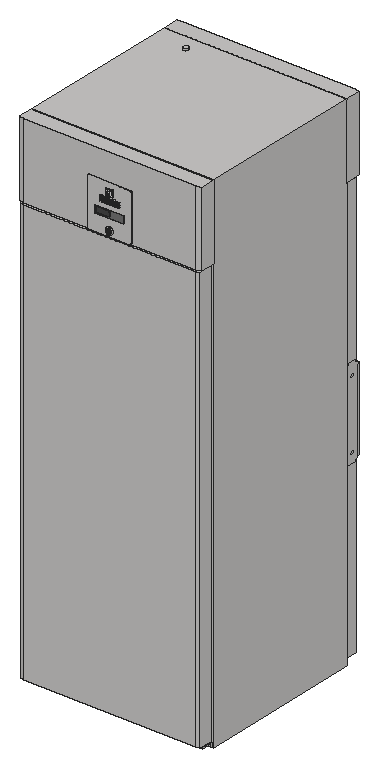
Revit family "QF_ELECTROLUXPROFESSIONAL_725098_RI075R2FGT", category Specialty Equipment, Revit 2018
Family settings
  Round Connector Dimension = Use Diameter
  Part Type = Normal
  Work Plane-Based = No
  Always vertical = Yes
  Cut with Voids When Loaded = No
  Shared = No
  Room Calculation Point = No
Parameters (values of type "Standard")
  Weight = 145.00 kg
  Watts = 0 W
  Volts = 220 V
  URL Manufacturer = "http://professional.electrolux.com"
  URL = "http://professional.electrolux.com"
  Steam Supply Size = 0 mm
  Steam Supply Minimum Pressure = 0.0 Pa
  Steam Supply Maximum Pressure = 0.0 Pa
  Steam Pounds per Hour = 0
  Refrigeration Suction Line Size = 0 mm
  Refrigeration Liquid Line Size = 0 mm
  Refrigerant Compressor Remote = yes
  Manufacturer = "Electrolux Professional"
  Phase = 1
  Model = "RI075R2FGT"
  Length Actual = 750 mm  # constant formula
  Item Number = "725098"
  Hot Water Size = 0 mm
  Height Actual = 2101 mm  # constant formula
  HP = "0.5 HP"
  Gas Size = 0 mm
  Gas KW = 0
  Gas Input Pressure = 0 W
  Direct Waste Size = 0 mm
  Description = "1-FULL+1GLASS DOOR ROLL-THRU REFRIGERATOR 750 LT+2°C R290"
  Depth Actual = 832 mm  # constant formula
  Cycle = 50 Hz
  Condensate Return Size = 0 mm
  Compressed Air Volume = 0.0 L/s
  Compressed Air Size = 0 mm
  Compressed Air Pressure = 0.0 Pa
  Cold Water Size = 0 mm
  Accessory = yes
Values of the unnamed type that differ from the named types
  Volts = 0 V
  URL Manufacturer = ""
  Item Number = ""
  Cycle = 0 Hz
Reference planes
  plane 1: z = 0
  plane 2 "Center (Left/Right)": x = 0
  plane 3 "TOP": z = 2101
  plane 4 "FRONT": y = -480
  plane 5 "LEFT": x = -375
  plane 6 "RIGHT": x = 375
  plane 7 "BACK": y = 352
  plane 8 "Center (Front/Back)": y = -64
Forms (mm)
  Extrusion 1, solid, material "QF_Finishes_Stainless Steel"
    sketch origin (0, 0, 0) x (1, 0, 0) y (0, 1, 0)
      loop
        line (-375, 280) -> (-375, -408) -> (375, -408) -> (375, 280) -> (-375, 280)
    from 0 to 2101
  Extrusion 2, solid, material "QF_Clearances", detail levels coarse
    sketch origin (0, 0, 2101) x (-1, 0, 0) y (0, -1, 0)
      loop
        line (425, 480) -> (-425, 480) -> (-425, -352) -> (425, -352) -> (425, 480)
    from 0 to 500
  Extrusion 3, solid, material "QF_Clearances", detail levels coarse
    sketch origin (0, 0, 0) x (1, 0, 0) y (0, 1, 0)
      loop
        line (-425, 352) -> (-425, -480) -> (-375, -480) -> (-375, 352) -> (-425, 352)
      loop
        line (425, 352) -> (375, 352) -> (375, -480) -> (425, -480) -> (425, 352)
    from 0 to 2101
  Extrusion 4, void
    sketch origin (0, 408, 0) x (-1, 0, 0) y (0, 0, 1)
      loop
        line (315, 1738.5) -> (-315, 1738.5) -> (-315, 25) -> (315, 25) -> (315, 1738.5)
    from -128 to -816
  Extrusion 5, solid, material "QF_Finishes_Stainless Steel"
    sketch origin (0, 0, 2101) x (-1, 0, 0) y (0, -1, 0)
      loop
        circle (235, -212) r 10
    from 5 to 0
Cuts and joins
  joined: Extrusion 2, Extrusion 3
  Extrusion 4 cuts Extrusion 1
Lines and regions (mm)
  symbolic lines, style "QF_Clearances", detail levels coarse
    curve 1: line (-375, -480, 2101) -> (-425, -480, 2101)
    curve 2: line (-425, -480, 2101) -> (-425, 352, 2101)
    curve 3: line (-425, 352, 2101) -> (-375, 352, 2101)
    curve 4: line (425, 352, 2101) -> (425, -480, 2101)
    curve 5: line (425, -480, 2101) -> (375, -480, 2101)
    curve 6: line (-375, -480, 2101) -> (-375, 352, 2101)
    curve 7: line (375, 352, 2101) -> (375, -480, 2101)
    curve 8: line (375, 352, 2101) -> (425, 352, 2101)
  symbolic lines
    curve 9: circle (-235, 212, 2101) r 10 normal (0, 0, 1)
Dimensions and locks
  equal spacing: plane 5 "LEFT", plane 2 "Center (Left/Right)", plane 6 "RIGHT"
  plane 5 "LEFT" to plane 6 "RIGHT" = 750 mm
  plane 3 "TOP" to plane 1 = 2101 mm
  equal spacing: plane 6 "RIGHT", plane 2 "Center (Left/Right)", plane 5 "LEFT"
  cut or joined group of Extrusion 1, Extrusion 4 to cut or joined group of Extrusion 1, Extrusion 4 = 630 mm
  nested 1 to nested 1 = 16 mm
  cut or joined group of Extrusion 2, Extrusion 3 to plane 5 "LEFT" = 50 mm
  cut or joined group of Extrusion 1, Extrusion 4 to cut or joined group of Extrusion 2, Extrusion 3 = 50 mm
  equal spacing: plane 4 "FRONT", plane 8 "Center (Front/Back)", plane 7 "BACK"
  plane 4 "FRONT" to plane 7 "BACK" = 832 mm
  nested 3 to nested 1 = 820 mm
  nested 3 to nested 1 = 1505 mm
  nested 3 to nested 1 = 1504 mm
  nested 3 to nested 1 = 2189 mm
  cut or joined group of Extrusion 2, Extrusion 3 to plane 3 "TOP" = 500 mm
  aligned and locked: level to plane 1
Automatic sketch dimensions
  Extrusion 1 sketch curve to plane 5 "LEFT" = 0 mm
  Extrusion 1 sketch curve to plane 6 "RIGHT" = 0 mm
  plane 4 "FRONT" to Extrusion 1 sketch curve = 72 mm
  level to Extrusion 4 sketch curve = 25 mm
  plane 6 "RIGHT" to Extrusion 4 sketch curve = 60 mm
  plane 5 "LEFT" to Extrusion 4 sketch curve = 60 mm
  Extrusion 4 sketch curve to plane 3 "TOP" = 362.5 mm
  plane 7 "BACK" to Extrusion 3 sketch curve = 0 mm  (x2)
  Extrusion 3 sketch curve to plane 4 "FRONT" = 0 mm  (x2)
  Extrusion 3 sketch curve to plane 5 "LEFT" = 0 mm
  Extrusion 3 sketch curve to plane 6 "RIGHT" = 0 mm
  Extrusion 3 sketch curve to plane 5 "LEFT" = 50 mm
  Extrusion 3 sketch curve to plane 6 "RIGHT" = 50 mm
  plane 7 "BACK" to Extrusion 2 sketch curve = 0 mm
  Extrusion 2 sketch curve to Extrusion 2 sketch curve = 850 mm
  Extrusion 2 sketch curve to plane 4 "FRONT" = 0 mm
  Extrusion 2 sketch curve to plane 6 "RIGHT" = 50 mm
  plane 7 "BACK" to Extrusion 1 sketch curve = 72 mm
  plane 5 "LEFT" to Extrusion 5 sketch curve = 140 mm
  plane 7 "BACK" to Extrusion 5 sketch curve = 140 mm
  curve 5 to plane 4 "FRONT" = 0 mm
  plane 7 "BACK" to curve 8 = 0 mm
  curve 8 to plane 6 "RIGHT" = 0 mm
  curve 1 to plane 4 "FRONT" = 0 mm
  curve 1 to plane 5 "LEFT" = 0 mm
  plane 7 "BACK" to curve 2 = 0 mm
  curve 4 to plane 6 "RIGHT" = 50 mm
  plane 5 "LEFT" to curve 9 = 140 mm
  curve 1 to curve 1 = 50 mm
  plane 7 "BACK" to curve 9 = 140 mm
  radius of Extrusion 5 sketch curve = 10 mm
  radius of curve 9 = 10 mm
Nested families
  nested 1: "QF_725098_Door" at (0, -408, 1050.5) x (1, 0, 0) z (0, -1, 0), type "QF_725098_Door"
    with Show Clearance yes
  nested 2: "Refrigerator" at (370, -442.5, 110), type "Refrigerator"
  nested 3: "QF_725098_GlassDoor" at (0, 280, 1050.5) x (-1, 0, 0) z (0, 1, 0), type "QF_725098_GlassDoor"
    with Show Clearance yes
Connectors
  electrical at (-235, 212, 2106), driven by "Volts"
    settings: on Extrusion 5, index 3, voltage 220 V, apparent load 0 VA, apparent load phase1 0 VA, apparent load phase2 0 VA, apparent load phase3 0 VA, power factor 1, load classification "Other", number of poles 1, system type 30, power factor state 1, is connector primary yes, connector utility no, sub classification motor no, connector description "Electrical Connection"
Definition of nested family "QF_725098_Door"
  Parameters
    Show Clearance [instance] = yes
    Model = "725097"
    Default Elevation = 1219.2 mm
  Reference planes
    plane 1 "Center (Front/Back)": y = 0
    plane 2: z = 0
    plane 3 "Center (Left/Right)": x = 0
  Forms (mm)
    Extrusion 1, solid
      sketch origin (0, -919.2, 0) x (1, 0, 0) y (0, 1, 0)
        loop
          line (-740, 2119.2) -> (-740, -324.806) -> (846.344, -324.806) -> (846.344, 2119.2) -> (-740, 2119.2)
      from 0 to -59.546
    Extrusion 2, solid
      sketch origin (0, 0, 0) x (1, 0, 0) y (0, 0, 1)
        loop
          line (-375, 60.667) -> (-375, 0) -> (375, 0) -> (375, 60.667) -> (355, 66) -> (-355, 66) -> (-375, 60.667)
      from -1050.5 to -740.5
    Extrusion 3, solid
      sketch origin (0, 0, 0) x (1, 0, 0) y (0, 0, 1)
        loop
          line (-370, 62) -> (-370, 26) -> (-348, 26) -> (-348, 8) -> (-330, 8) -> (-330, 0) -> (362, 0) -> (362, 8) -> (370, 8) -> (370, 62) -> (355, 66) -> (-355, 66) -> (-370, 62)
      from -733.5 to 1025.5
    Extrusion 4, solid
      sketch origin (147, -711.5, 0) x (0, 1, 0) y (0, 0, 1)
        loop
          line (-323.003, 40.312) -> (-316.501, 40.312) -> (-316.501, 42.812) -> (-325.503, 42.812) -> (-325.503, 2.5) -> (-339, 2.5) -> (-339, 0) -> (-323.003, 0) -> (-323.003, 12.259) -> (-323.003, 40.312)
        loop
          line (-314, 38.311) -> (-316.501, 38.311) -> (-316.501, 14.304) -> (-319.752, 14.304) -> (-319.752, 11.804) -> (-314, 11.804) -> (-314, 38.311)
      from 185 to 220
    Extrusion 5, solid
      sketch origin (147, 499.597, 0) x (0, 1, 0) y (0, 0, 1)
        loop
          line (233.903, 27.948) -> (233.903, 2.948) -> (233.903, 0) -> (240.903, 0) -> (240.903, 2.5) -> (236.403, 2.5) -> (236.403, 27.948) -> (233.903, 27.948)
      from 185 to 220
    Extrusion 6, solid, detail levels coarse
      sketch origin (24, 1013.369, -334) x (-1, 0, 0) y (0, 0, -1)
        loop
          line (-367, -352) -> (-367, -1084) -> (-329, -1084) -> (-329, -1062) -> (-311, -1062) -> (-311, -1044) -> (-303, -1044) -> (-303, -400) -> (-351, -400) -> (-351, -352) -> (-367, -352)
      from 2038.869 to 279.869
    Extrusion 7, solid, detail levels coarse
      sketch origin (41, 1123.369, -334) x (1, 0, 0) y (0, 0, 1)
        loop
          line (286, 400) -> (286, 1044) -> (294, 1044) -> (294, 1062) -> (312, 1062) -> (312, 1084)
          arc (312, 1084) -> (-184.675, 884.882) -> (-411, 400) r 727.877
          line (-411, 400) -> (286, 400)
      from 2148.869 to 389.869
  Lines and regions (mm)
    symbolic lines
      curve 1: line (-375, 0, 0) -> (-375, 0, 60.667)
      curve 2: line (375, 0, 0) -> (-375, 0, 0)
      curve 3: line (391, 0, 18) -> (391, 0, 750)
      curve 4: line (327, 0, 66) -> (327, 0, 710)
      curve 5: line (391, 0, 750) -> (353, 0, 750)
      curve 6: line (353, 0, 728) -> (353, 0, 750)
      curve 7: line (335, 0, 728) -> (353, 0, 728)
      curve 8: line (335, 0, 710) -> (335, 0, 728)
      curve 9: line (327, 0, 710) -> (335, 0, 710)
      curve 10: line (375, 0, 18) -> (391, 0, 18)
      curve 11: arc (353, 0, 750) -> (-143.675, 0, 550.882) -> (-370, 0, 66) r 727.877
      curve 12: line (375, 0, 0) -> (375, 0, 60.667)
      curve 13: line (-355, 0, 66) -> (-375, 0, 60.667)
      curve 14: line (355, 0, 66) -> (-355, 0, 66)
      curve 15: line (375, 0, 60.667) -> (355, 0, 66)
  Dimensions and locks
    Extrusion 4 to Extrusion 2 = 2101 mm
    Extrusion 3 to Extrusion 3 = 740 mm
    aligned and locked: plane 2 to Extrusion 1
    aligned and locked: level to Extrusion 1
  Nested families
    nested 1: "QF_DisplayNewRollCabinets_ELX" at (0, 840.5, 66), type "QF_DisplayNewRollCabinets_ELX"
      with Show Clearance yes
  Definition of nested family "QF_DisplayNewRollCabinets_ELX"
    Parameters
      Show Clearance [instance] = yes
      Model = "728658"
      Default Elevation = 1219.2 mm
    Reference planes
      plane 1 "Center (Front/Back)": y = 0
      plane 2: z = 0
      plane 3 "Center (Left/Right)": x = 0
    Forms (mm)
      Extrusion 1, solid
        sketch origin (0, -919.2, 0) x (1, 0, 0) y (0, 1, 0)
          loop
            line (-198.75, 1146.2) -> (-198.75, 709.567) -> (165.741, 709.567) -> (165.741, 1146.2) -> (-198.75, 1146.2)
        from 0 to -59.546
      Extrusion 2, solid
        sketch origin (-59, -79.611, 0) x (0, 1, 0) y (-1, 0, 0)
          loop
            circle (0.611, -59) r 14
          loop
            circle (0.611, -59) r 10
        from 1.6 to 6
      Extrusion 3, solid
        sketch origin (744.635, 285.889, 0) x (0, 1, 0) y (-1, 0, 0)
          loop
            circle (-364.889, 744.635) r 10
          loop
            circle (-364.889, 744.635) r 9
        from 1.6 to 6
      Extrusion 4, solid
        sketch origin (744.635, 285.889, 0) x (0, 1, 0) y (-1, 0, 0)
          loop
            circle (-364.889, 744.635) r 8.7
        from 1.6 to 6
      Extrusion 5, void
        sketch origin (744.635, 285.889, 0) x (0, 1, 0) y (-1, 0, 0)
          loop
            line (-372.339, 745.885) -> (-372.339, 743.385) -> (-362.339, 743.385) -> (-362.339, 745.885) -> (-372.339, 745.885)
        from 3 to 7
      Extrusion 6, solid
        sketch origin (0, 0, 0) x (1, 0, 0) y (0, 1, 0)
          loop
            arc (-90, -95) -> (-88.536, -98.536) -> (-85, -100) r 5
            line (-85, -100) -> (85, -100)
            arc (85, -100) -> (88.536, -98.536) -> (90, -95) r 5
            line (90, -95) -> (90, 95)
            arc (90, 95) -> (88.536, 98.536) -> (85, 100) r 5
            line (85, 100) -> (-85, 100)
            arc (-85, 100) -> (-88.536, 98.536) -> (-90, 95) r 5
            line (-90, 95) -> (-90, -95)
          loop
            line (-60, -3.798) -> (-60, -32.827) -> (60, -32.827) -> (60, -3.798) -> (-60, -3.798)
        from 0 to 1.6
      Extrusion 7, solid
        sketch origin (0, 0, 0) x (1, 0, 0) y (0, 1, 0)
          loop
            line (-60, -3.798) -> (-60, -32.827) -> (60, -32.827) -> (60, -3.798) -> (-60, -3.798)
          loop
            line (-56.428, -8.037) -> (-56.428, -28.331) -> (0, -28.331) -> (0, -8.037) -> (-56.428, -8.037)
        from 0 to 1.6
      Extrusion 8, solid
        sketch origin (0, 0, 0) x (1, 0, 0) y (0, 1, 0)
          loop
            line (-56.428, -8.037) -> (-56.428, -28.331) -> (0, -28.331) -> (0, -8.037) -> (-56.428, -8.037)
        from 0 to 1.6
      Extrusion 9, solid
        sketch origin (0, 0, 0) x (1, 0, 0) y (0, 1, 0)
          loop
            spline (-35.495, 30.517) -> (-35.679, 30.525) -> (-35.875, 30.55) -> (-36.078, 30.596) -> (-36.282, 30.665) -> (-36.483, 30.762) -> (-36.674, 30.888) -> (-36.851, 31.047) -> (-37.007, 31.242) -> (-37.138, 31.476) -> (-37.238, 31.752) -> (-37.302, 32.073) -> (-37.325, 32.443)
            line (-37.325, 32.443) -> (-37.325, 34.082) -> (-31.914, 34.082) -> (-31.914, 36.172) -> (-37.326, 36.172) -> (-37.326, 39.215) -> (-31.569, 39.215) -> (-31.569, 41.3) -> (-39.541, 41.3) -> (-39.541, 32.538)
            spline (-39.541, 32.538) -> (-39.521, 31.999) -> (-39.461, 31.491) -> (-39.359, 31.016) -> (-39.214, 30.575) -> (-39.026, 30.17) -> (-38.792, 29.803) -> (-38.513, 29.476) -> (-38.186, 29.19) -> (-37.811, 28.948) -> (-37.386, 28.75) -> (-36.91, 28.599) -> (-36.383, 28.497)
            line (-36.383, 28.497) -> (-35.513, 28.434) -> (-31.415, 28.434) -> (-31.415, 30.517) -> (-35.495, 30.517)
          loop
            line (-29.841, 35.221) -> (-29.841, 28.431) -> (-27.625, 28.431) -> (-27.625, 41.303) -> (-29.841, 41.303) -> (-29.841, 35.221)
          loop
            spline (-16.689, 32.543) -> (-16.674, 33.24) -> (-16.741, 33.914) -> (-16.887, 34.559) -> (-17.108, 35.168) -> (-17.403, 35.737) -> (-17.768, 36.257) -> (-18.2, 36.724) -> (-18.697, 37.131) -> (-19.255, 37.471) -> (-19.872, 37.739) -> (-20.545, 37.929) -> (-21.271, 38.033)
            spline (-21.271, 38.033) -> (-21.961, 37.993) -> (-22.617, 37.875) -> (-23.233, 37.682) -> (-23.805, 37.417) -> (-24.328, 37.083) -> (-24.797, 36.683) -> (-25.207, 36.219) -> (-25.554, 35.696) -> (-25.832, 35.116) -> (-26.036, 34.481) -> (-26.162, 33.795) -> (-26.206, 33.061)
            spline (-26.206, 33.061) -> (-26.164, 32.345) -> (-26.041, 31.676) -> (-25.841, 31.056) -> (-25.568, 30.489) -> (-25.226, 29.977) -> (-24.818, 29.524) -> (-24.348, 29.133) -> (-23.822, 28.805) -> (-23.241, 28.546) -> (-22.61, 28.357) -> (-21.934, 28.241) -> (-21.215, 28.202)
            spline (-21.215, 28.202) -> (-20.865, 28.21) -> (-20.518, 28.237) -> (-20.176, 28.283) -> (-19.837, 28.35) -> (-19.503, 28.441) -> (-19.173, 28.557) -> (-18.847, 28.699) -> (-18.525, 28.87) -> (-18.208, 29.07) -> (-17.895, 29.303) -> (-17.587, 29.569) -> (-17.283, 29.871)
            line (-17.283, 29.871) -> (-18.618, 31.17)
            spline (-18.618, 31.17) -> (-18.794, 31.001) -> (-18.971, 30.845) -> (-19.151, 30.704) -> (-19.334, 30.578) -> (-19.523, 30.465) -> (-19.72, 30.368) -> (-19.925, 30.284) -> (-20.141, 30.216) -> (-20.369, 30.163) -> (-20.61, 30.125) -> (-20.867, 30.102) -> (-21.141, 30.094)
            spline (-21.141, 30.094) -> (-21.542, 30.114) -> (-21.918, 30.172) -> (-22.268, 30.268) -> (-22.589, 30.399) -> (-22.881, 30.564) -> (-23.142, 30.762) -> (-23.37, 30.99) -> (-23.564, 31.248) -> (-23.721, 31.534) -> (-23.841, 31.846) -> (-23.921, 32.183) -> (-23.961, 32.543)
            line (-23.961, 32.543) -> (-16.689, 32.543)
          loop
            spline (-18.915, 34.101) -> (-18.937, 34.375) -> (-19, 34.638) -> (-19.101, 34.889) -> (-19.237, 35.124) -> (-19.407, 35.342) -> (-19.606, 35.538) -> (-19.833, 35.712) -> (-20.083, 35.859) -> (-20.355, 35.979) -> (-20.646, 36.067) -> (-20.952, 36.122) -> (-21.271, 36.141)
            spline (-21.271, 36.141) -> (-21.613, 36.123) -> (-21.943, 36.069) -> (-22.256, 35.981) -> (-22.552, 35.864) -> (-22.825, 35.717) -> (-23.075, 35.545) -> (-23.297, 35.35) -> (-23.49, 35.133) -> (-23.65, 34.897) -> (-23.774, 34.645) -> (-23.86, 34.379) -> (-23.905, 34.101)
            line (-23.905, 34.101) -> (-18.915, 34.101)
          loop
            spline (-13.301, 33.118) -> (-13.275, 33.53) -> (-13.201, 33.921) -> (-13.081, 34.288) -> (-12.918, 34.628) -> (-12.715, 34.938) -> (-12.475, 35.216) -> (-12.201, 35.459) -> (-11.896, 35.664) -> (-11.563, 35.828) -> (-11.205, 35.948) -> (-10.825, 36.023) -> (-10.425, 36.048)
            spline (-10.425, 36.048) -> (-10.18, 36.041) -> (-9.946, 36.018) -> (-9.721, 35.98) -> (-9.505, 35.928) -> (-9.298, 35.862) -> (-9.099, 35.782) -> (-8.908, 35.688) -> (-8.724, 35.581) -> (-8.547, 35.461) -> (-8.376, 35.329) -> (-8.211, 35.185) -> (-8.051, 35.028)
            line (-8.051, 35.028) -> (-6.678, 36.457)
            spline (-6.678, 36.457) -> (-6.951, 36.73) -> (-7.233, 36.975) -> (-7.522, 37.194) -> (-7.819, 37.386) -> (-8.123, 37.553) -> (-8.434, 37.695) -> (-8.751, 37.813) -> (-9.075, 37.908) -> (-9.404, 37.98) -> (-9.739, 38.031) -> (-10.08, 38.061) -> (-10.425, 38.07)
            spline (-10.425, 38.07) -> (-11.118, 38.028) -> (-11.781, 37.902) -> (-12.409, 37.698) -> (-12.996, 37.421) -> (-13.537, 37.075) -> (-14.024, 36.665) -> (-14.453, 36.196) -> (-14.817, 35.671) -> (-15.11, 35.097) -> (-15.327, 34.476) -> (-15.462, 33.815) -> (-15.508, 33.118)
            spline (-15.508, 33.118) -> (-15.462, 32.42) -> (-15.327, 31.759) -> (-15.11, 31.138) -> (-14.817, 30.564) -> (-14.453, 30.039) -> (-14.024, 29.57) -> (-13.537, 29.16) -> (-12.996, 28.814) -> (-12.409, 28.537) -> (-11.781, 28.333) -> (-11.118, 28.207) -> (-10.425, 28.165)
            spline (-10.425, 28.165) -> (-10.08, 28.174) -> (-9.739, 28.204) -> (-9.404, 28.255) -> (-9.075, 28.327) -> (-8.751, 28.422) -> (-8.434, 28.54) -> (-8.123, 28.682) -> (-7.819, 28.849) -> (-7.522, 29.041) -> (-7.233, 29.26) -> (-6.951, 29.505) -> (-6.678, 29.779)
            line (-6.678, 29.779) -> (-8.051, 31.207)
            spline (-8.051, 31.207) -> (-8.211, 31.05) -> (-8.376, 30.906) -> (-8.547, 30.774) -> (-8.724, 30.654) -> (-8.908, 30.547) -> (-9.099, 30.453) -> (-9.298, 30.373) -> (-9.505, 30.307) -> (-9.721, 30.255) -> (-9.946, 30.217) -> (-10.18, 30.194) -> (-10.425, 30.187)
            spline (-10.425, 30.187) -> (-10.825, 30.212) -> (-11.205, 30.287) -> (-11.563, 30.407) -> (-11.896, 30.571) -> (-12.201, 30.776) -> (-12.475, 31.019) -> (-12.715, 31.297) -> (-12.918, 31.607) -> (-13.081, 31.947) -> (-13.201, 32.314) -> (-13.275, 32.705) -> (-13.301, 33.118)
          loop
            spline (-1.029, 30.514) -> (-1.224, 30.511) -> (-1.433, 30.525) -> (-1.651, 30.562) -> (-1.872, 30.623) -> (-2.09, 30.713) -> (-2.301, 30.835) -> (-2.498, 30.992) -> (-2.675, 31.189) -> (-2.829, 31.429) -> (-2.952, 31.716) -> (-3.039, 32.053) -> (-3.086, 32.443)
            line (-3.086, 32.443) -> (-3.086, 35.726) -> (-1.07, 35.726) -> (-1.07, 37.739) -> (-3.083, 37.739) -> (-3.083, 41.303) -> (-5.299, 41.303) -> (-5.299, 32.317)
            spline (-5.299, 32.317) -> (-5.251, 31.795) -> (-5.165, 31.305) -> (-5.04, 30.847) -> (-4.875, 30.424) -> (-4.668, 30.037) -> (-4.418, 29.687) -> (-4.125, 29.377) -> (-3.788, 29.108) -> (-3.405, 28.881) -> (-2.975, 28.699) -> (-2.498, 28.562) -> (-1.972, 28.474)
            line (-1.972, 28.474) -> (-1.037, 28.431) -> (-1.029, 30.514)
          loop
            spline (6.427, 37.868) -> (6.044, 37.892) -> (5.675, 37.885) -> (5.321, 37.849) -> (4.984, 37.784) -> (4.663, 37.692) -> (4.362, 37.573) -> (4.079, 37.428) -> (3.817, 37.259) -> (3.576, 37.066) -> (3.358, 36.85) -> (3.163, 36.613) -> (2.992, 36.355)
            line (2.992, 36.355) -> (2.992, 37.739) -> (0.794, 37.739) -> (0.794, 28.431) -> (2.992, 28.431) -> (2.992, 33.325)
            spline (2.992, 33.325) -> (3.013, 33.696) -> (3.072, 34.042) -> (3.169, 34.362) -> (3.303, 34.653) -> (3.471, 34.915) -> (3.673, 35.147) -> (3.907, 35.346) -> (4.171, 35.513) -> (4.465, 35.644) -> (4.785, 35.74) -> (5.132, 35.799) -> (5.504, 35.818)
            line (5.504, 35.818) -> (6.427, 35.726) -> (6.427, 37.868)
          loop
            spline (16.924, 33.085) -> (16.877, 33.768) -> (16.743, 34.419) -> (16.525, 35.032) -> (16.231, 35.603) -> (15.866, 36.126) -> (15.437, 36.596) -> (14.949, 37.008) -> (14.409, 37.357) -> (13.823, 37.637) -> (13.196, 37.844) -> (12.535, 37.972) -> (11.845, 38.016)
            spline (11.845, 38.016) -> (11.152, 37.972) -> (10.488, 37.844) -> (9.86, 37.637) -> (9.273, 37.357) -> (8.733, 37.008) -> (8.246, 36.596) -> (7.818, 36.126) -> (7.455, 35.603) -> (7.163, 35.032) -> (6.946, 34.419) -> (6.812, 33.768) -> (6.766, 33.085)
            spline (6.766, 33.085) -> (6.812, 32.402) -> (6.946, 31.752) -> (7.163, 31.138) -> (7.455, 30.568) -> (7.818, 30.045) -> (8.246, 29.574) -> (8.733, 29.162) -> (9.273, 28.813) -> (9.86, 28.533) -> (10.488, 28.326) -> (11.152, 28.198) -> (11.845, 28.154)
            spline (11.845, 28.154) -> (12.535, 28.198) -> (13.196, 28.326) -> (13.823, 28.533) -> (14.409, 28.813) -> (14.949, 29.162) -> (15.437, 29.574) -> (15.866, 30.045) -> (16.231, 30.568) -> (16.525, 31.138) -> (16.743, 31.752) -> (16.877, 32.402) -> (16.924, 33.085)
          loop
            spline (14.726, 33.085) -> (14.7, 33.488) -> (14.625, 33.872) -> (14.504, 34.235) -> (14.34, 34.572) -> (14.136, 34.882) -> (13.895, 35.161) -> (13.62, 35.405) -> (13.315, 35.612) -> (12.981, 35.778) -> (12.623, 35.901) -> (12.244, 35.977) -> (11.845, 36.003)
            spline (11.845, 36.003) -> (11.443, 35.977) -> (11.061, 35.901) -> (10.702, 35.778) -> (10.368, 35.612) -> (10.063, 35.405) -> (9.789, 35.161) -> (9.549, 34.882) -> (9.346, 34.572) -> (9.184, 34.235) -> (9.064, 33.872) -> (8.99, 33.488) -> (8.965, 33.085)
            spline (8.965, 33.085) -> (8.99, 32.682) -> (9.064, 32.298) -> (9.184, 31.936) -> (9.346, 31.598) -> (9.549, 31.288) -> (9.789, 31.01) -> (10.063, 30.765) -> (10.368, 30.558) -> (10.702, 30.392) -> (11.061, 30.269) -> (11.443, 30.193) -> (11.845, 30.167)
            spline (11.845, 30.167) -> (12.244, 30.193) -> (12.623, 30.269) -> (12.981, 30.392) -> (13.315, 30.558) -> (13.62, 30.765) -> (13.895, 31.01) -> (14.136, 31.288) -> (14.34, 31.598) -> (14.504, 31.936) -> (14.625, 32.298) -> (14.7, 32.682) -> (14.726, 33.085)
          loop
            line (18.286, 35.443) -> (18.286, 28.431) -> (20.504, 28.431) -> (20.504, 41.303) -> (18.286, 41.303) -> (18.286, 35.443)
          loop
            line (28.496, 37.739) -> (28.496, 32.328)
            spline (28.496, 32.328) -> (28.478, 31.977) -> (28.426, 31.659) -> (28.342, 31.376) -> (28.228, 31.126) -> (28.085, 30.908) -> (27.916, 30.721) -> (27.723, 30.566) -> (27.508, 30.44) -> (27.273, 30.344) -> (27.019, 30.276) -> (26.748, 30.236) -> (26.464, 30.223)
            spline (26.464, 30.223) -> (26.18, 30.236) -> (25.909, 30.276) -> (25.656, 30.344) -> (25.42, 30.44) -> (25.205, 30.564) -> (25.012, 30.719) -> (24.843, 30.904) -> (24.701, 31.12) -> (24.587, 31.368) -> (24.503, 31.648) -> (24.451, 31.962) -> (24.433, 32.309)
            line (24.433, 32.309) -> (24.433, 37.739) -> (22.198, 37.739) -> (22.198, 32.125)
            spline (22.198, 32.125) -> (22.238, 31.488) -> (22.352, 30.91) -> (22.537, 30.388) -> (22.786, 29.923) -> (23.095, 29.514) -> (23.456, 29.16) -> (23.866, 28.863) -> (24.319, 28.62) -> (24.808, 28.432) -> (25.33, 28.298) -> (25.877, 28.218) -> (26.446, 28.191)
            spline (26.446, 28.191) -> (27.019, 28.218) -> (27.571, 28.299) -> (28.097, 28.435) -> (28.591, 28.626) -> (29.047, 28.872) -> (29.46, 29.174) -> (29.825, 29.532) -> (30.136, 29.947) -> (30.387, 30.419) -> (30.574, 30.948) -> (30.69, 31.535) -> (30.729, 32.18)
            line (30.729, 32.18) -> (30.729, 37.739) -> (28.496, 37.739)
          loop
            line (39.115, 31.408) -> (37.717, 33.362) -> (39.448, 35.719) -> (40.93, 37.739) -> (38.511, 37.739) -> (36.497, 34.95) -> (34.466, 37.739) -> (32.065, 37.739) -> (33.442, 35.856) -> (35.279, 33.344) -> (33.354, 30.663) -> (31.751, 28.431) -> (34.134, 28.431) -> (36.497, 31.719) -> (38.861, 28.431) -> (41.244, 28.431) -> (39.115, 31.408)
          loop
            line (-38.295, 23.783) -> (-40.009, 23.783) -> (-40.009, 19.333) -> (-39.095, 19.333) -> (-39.095, 20.841) -> (-38.295, 20.841)
            arc (-38.295, 20.841) -> (-36.824, 22.312) -> (-38.295, 23.783) r 1.471
          loop
            arc (-38.234, 21.69) -> (-37.702, 22.312) -> (-38.234, 22.934) r 0.63
            line (-38.234, 22.934) -> (-39.095, 22.934) -> (-39.095, 21.69) -> (-38.234, 21.69)
          loop
            line (-31.313, 23.783) -> (-33.058, 23.783) -> (-33.058, 19.333) -> (-32.144, 19.333) -> (-32.144, 20.866) -> (-31.349, 20.866) -> (-30.568, 19.333) -> (-29.53, 19.333) -> (-30.598, 21.091)
            arc (-30.598, 21.091) -> (-30.04, 21.611) -> (-29.845, 22.348) r 1.374
            arc (-29.845, 22.348) -> (-30.287, 23.365) -> (-31.313, 23.783) r 1.469
          loop
            line (-31.332, 22.942) -> (-32.144, 22.942) -> (-32.144, 21.7) -> (-31.332, 21.7)
            arc (-31.332, 21.7) -> (-30.827, 22.321) -> (-31.332, 22.942) r 0.634
          loop
            circle (-23.849, 21.558) r 2.311
          loop
            circle (-23.849, 21.558) r 1.467
          loop
            line (-17.711, 23.783) -> (-17.711, 19.333) -> (-16.796, 19.333) -> (-16.796, 21.162) -> (-15.122, 21.162) -> (-15.122, 22.003) -> (-16.796, 22.003) -> (-16.796, 22.942) -> (-14.961, 22.942) -> (-14.961, 23.783) -> (-17.711, 23.783)
          loop
            line (-11.187, 23.783) -> (-11.187, 20.776)
            arc (-11.187, 20.776) -> (-10.776, 19.757) -> (-9.763, 19.333) r 1.424
            line (-9.763, 19.333) -> (-8.326, 19.333) -> (-8.326, 20.174) -> (-9.388, 20.174)
            arc (-9.388, 20.174) -> (-10.074, 20.494) -> (-10.272, 21.224) r 0.897
            line (-10.272, 21.224) -> (-8.492, 21.224) -> (-8.492, 22.065) -> (-10.272, 22.065) -> (-10.272, 22.942) -> (-8.369, 22.942) -> (-8.369, 23.783) -> (-11.187, 23.783)
          loop
            line (-2.341, 22.616) -> (-1.684, 23.067)
            arc (-1.684, 23.067) -> (-2.293, 23.661) -> (-3.121, 23.857) r 1.593
            arc (-3.121, 23.857) -> (-3.842, 23.672) -> (-4.423, 23.206) r 1.765
            arc (-4.423, 23.206) -> (-4.501, 22.623) -> (-4.383, 22.046) r 1.775
            arc (-4.383, 22.046) -> (-3.986, 21.617) -> (-3.47, 21.346) r 1.724
            arc (-3.47, 21.346) -> (-3.071, 21.188) -> (-2.688, 20.994) r 4.507
            arc (-2.688, 20.994) -> (-2.464, 20.43) -> (-2.973, 20.098) r 0.479
            arc (-2.973, 20.098) -> (-3.616, 20.315) -> (-4.111, 20.78) r 1.593
            line (-4.111, 20.78) -> (-4.81, 20.341)
            arc (-4.81, 20.341) -> (-4.533, 19.884) -> (-4.129, 19.534) r 1.711
            arc (-4.129, 19.534) -> (-3.616, 19.315) -> (-3.061, 19.259) r 1.845
            arc (-3.061, 19.259) -> (-2.375, 19.396) -> (-1.757, 19.724) r 2.41
            arc (-1.757, 19.724) -> (-1.484, 20.45) -> (-1.625, 21.213) r 1.447
            arc (-1.625, 21.213) -> (-1.929, 21.564) -> (-2.319, 21.818) r 1.678
            arc (-2.319, 21.818) -> (-2.811, 22.038) -> (-3.316, 22.227) r 8.836
            arc (-3.316, 22.227) -> (-3.607, 22.681) -> (-3.186, 23.017) r 0.402
            arc (-3.186, 23.017) -> (-2.717, 22.913) -> (-2.341, 22.616) r 1.07
          loop
            line (9.023, 23.783) -> (9.023, 19.333) -> (9.938, 19.333) -> (9.938, 23.783) -> (9.023, 23.783)
          loop
            circle (16.107, 21.558) r 1.384
          loop
            circle (16.107, 21.558) r 2.311
          loop
            line (22.245, 19.333) -> (23.169, 19.333) -> (23.169, 22.131) -> (25.205, 19.333) -> (26.094, 19.333) -> (26.094, 23.783) -> (25.17, 23.783) -> (25.17, 20.9) -> (23.135, 23.783) -> (22.245, 23.783) -> (22.245, 19.333)
          loop
            line (30.707, 19.333) -> (31.141, 20.293) -> (32.787, 20.293) -> (33.22, 19.333) -> (34.204, 19.333) -> (31.937, 23.783) -> (29.725, 19.333) -> (30.707, 19.333)
          loop
            line (31.964, 22.119) -> (31.552, 21.206) -> (32.376, 21.206) -> (31.964, 22.119)
          loop
            line (38.748, 20.174) -> (38.748, 23.783) -> (37.833, 23.783) -> (37.833, 19.333) -> (40.459, 19.333) -> (40.459, 20.174) -> (38.748, 20.174)
          loop
            line (-14.216, 47.398) -> (14.216, 47.398) -> (14.216, 75.792) -> (-14.216, 75.792) -> (-14.216, 47.398)
          loop
            line (3.797, 74.398) -> (3.797, 48.85)
            arc (3.797, 48.85) -> (13.241, 61.624) -> (3.797, 74.398) r 13.361
          loop
            line (2.497, 72.548) -> (2.497, 74.398)
            arc (2.497, 74.398) -> (-8.128, 71.983) -> (-13.247, 62.364) r 13.094
            line (-13.247, 62.364) -> (-9.02, 62.364)
            arc (-9.02, 62.364) -> (-1.469, 65.429) -> (2.497, 72.548) r 12.273
          loop
            arc (-13.247, 60.883) -> (-8.136, 51.185) -> (2.497, 48.522) r 13.436
            line (2.497, 48.522) -> (2.497, 50.7)
            arc (2.497, 50.7) -> (-1.469, 57.818) -> (-9.02, 60.883) r 12.273
            line (-9.02, 60.883) -> (-13.247, 60.883)
          loop
            line (4.381, 22.616) -> (5.039, 23.067)
            arc (5.039, 23.067) -> (4.429, 23.661) -> (3.601, 23.857) r 1.593
            arc (3.601, 23.857) -> (2.88, 23.672) -> (2.299, 23.206) r 1.765
            arc (2.299, 23.206) -> (2.221, 22.623) -> (2.339, 22.046) r 1.775
            arc (2.339, 22.046) -> (2.736, 21.617) -> (3.252, 21.346) r 1.724
            arc (3.252, 21.346) -> (3.651, 21.188) -> (4.034, 20.994) r 4.507
            arc (4.034, 20.994) -> (4.258, 20.43) -> (3.75, 20.098) r 0.479
            arc (3.75, 20.098) -> (3.106, 20.315) -> (2.611, 20.78) r 1.593
            line (2.611, 20.78) -> (1.912, 20.341)
            arc (1.912, 20.341) -> (2.189, 19.884) -> (2.594, 19.534) r 1.711
            arc (2.594, 19.534) -> (3.106, 19.315) -> (3.661, 19.259) r 1.845
            arc (3.661, 19.259) -> (4.347, 19.396) -> (4.965, 19.724) r 2.41
            arc (4.965, 19.724) -> (5.238, 20.45) -> (5.097, 21.213) r 1.447
            arc (5.097, 21.213) -> (4.793, 21.564) -> (4.403, 21.818) r 1.678
            arc (4.403, 21.818) -> (3.911, 22.038) -> (3.406, 22.227) r 8.836
            arc (3.406, 22.227) -> (3.115, 22.681) -> (3.536, 23.017) r 0.402
            arc (3.536, 23.017) -> (4.005, 22.913) -> (4.381, 22.616) r 1.07
        from 1.6 to 3.2
      Extrusion 10, solid
        sketch origin (0, 0, 0) x (1, 0, 0) y (0, 1, 0)
          loop
            line (1.25, -86.45) -> (1.25, -76.45) -> (-1.25, -76.45) -> (-1.25, -86.45) -> (1.25, -86.45)
        from 1.6 to 6
    Cuts and joins
      Extrusion 5 cuts Extrusion 4
    Lines and regions (mm)
      symbolic lines
        curve 1: line (52.518, 0, 4) -> (-53.037, 0, 4)
        curve 2: line (40, 0, 4) -> (40, 0, 6)
        curve 3: line (40, 0, 6) -> (-40, 0, 6)
        curve 4: line (-40, 0, 6) -> (-40, 0, 4)
        curve 5: line (-64.765, 0, 0) -> (-53.037, 0, 4)
        curve 6: line (52.518, 0, 4) -> (64.135, 0, 0)
    Dimensions and locks
      aligned and locked: plane 2 to Extrusion 1
      aligned and locked: level to Extrusion 1
Definition of nested family "QF_725098_GlassDoor"
  Parameters
    Show Clearance [instance] = yes
    Model = "725096"
    Default Elevation = 1219.2 mm
  Reference planes
    plane 1 "Center (Front/Back)": y = 0
    plane 2: z = 0
    plane 3 "Center (Left/Right)": x = 0
  Forms (mm)
    Extrusion 1, solid
      sketch origin (0, -919.2, 0) x (1, 0, 0) y (0, 1, 0)
        loop
          line (-740, 2119.2) -> (-740, -324.806) -> (846.344, -324.806) -> (846.344, 2119.2) -> (-740, 2119.2)
      from 0 to -59.546
    Extrusion 2, solid
      sketch origin (0, 0, 0) x (1, 0, 0) y (0, 0, 1)
        loop
          line (-375, 60.667) -> (-375, 0) -> (375, 0) -> (375, 60.667) -> (355, 66) -> (-355, 66) -> (-375, 60.667)
      from -1050.5 to -740.5
    Extrusion 3, solid
      sketch origin (0, 0, 0) x (1, 0, 0) y (0, 0, 1)
        loop
          line (-370, 53) -> (-370, 8) -> (-348, 8) -> (-348, 0) -> (362, 0) -> (362, 8) -> (370, 8) -> (370, 53) -> (-370, 53)
      from -733.5 to 1025.5
    Extrusion 4, solid
      sketch origin (147, -711.5, 0) x (0, 1, 0) y (0, 0, 1)
        loop
          line (-323.003, 40.312) -> (-316.501, 40.312) -> (-316.501, 42.812) -> (-325.503, 42.812) -> (-325.503, 2.5) -> (-339, 2.5) -> (-339, 0) -> (-323.003, 0) -> (-323.003, 12.259) -> (-323.003, 40.312)
        loop
          line (-314, 38.311) -> (-316.501, 38.311) -> (-316.501, 14.304) -> (-319.752, 14.304) -> (-319.752, 11.804) -> (-314, 11.804) -> (-314, 38.311)
      from 185 to 220
    Extrusion 5, solid
      sketch origin (147, 499.597, 0) x (0, 1, 0) y (0, 0, 1)
        loop
          line (233.903, 27.948) -> (233.903, 2.948) -> (233.903, 0) -> (240.903, 0) -> (240.903, 2.5) -> (236.403, 2.5) -> (236.403, 27.948) -> (233.903, 27.948)
      from 185 to 220
    Extrusion 6, solid, detail levels coarse
      sketch origin (24, 1013.369, -334) x (-1, 0, 0) y (0, 0, -1)
        loop
          line (-367, -352) -> (-367, -1085) -> (-329, -1085) -> (-329, -1062) -> (-311, -1062) -> (-311, -1044) -> (-303, -1044) -> (-303, -387) -> (-351, -387) -> (-351, -352) -> (-367, -352)
      from 2038.869 to 279.869
    Extrusion 7, solid, detail levels coarse
      sketch origin (41, 1123.369, -334) x (1, 0, 0) y (0, 0, 1)
        loop
          line (286, 400) -> (286, 1044) -> (294, 1044) -> (294, 1062) -> (312, 1062) -> (312, 1085)
          arc (312, 1085) -> (-186.004, 886.559) -> (-411.055, 400) r 724.112
          line (-411.055, 400) -> (286, 400)
      from 2148.869 to 389.869
    Extrusion 8, void
      sketch origin (0, 0, 0) x (1, 0, 0) y (0, 0, 1)
        loop
          line (-325, 66) -> (-325, 0) -> (325, 0) -> (325, 66) -> (-325, 66)
      from -683.5 to 975.5
    Extrusion 9, solid
      sketch origin (0, 0, -13) x (1, 0, 0) y (0, 0, 1)
        loop
          line (-325, 66) -> (-325, 56) -> (325, 56) -> (325, 66) -> (-325, 66)
      from -683.5 to 975.5
    Extrusion 10, solid
      sketch origin (0, 0, 0) x (0, 1, 0) y (0, 0, 1)
        loop
          line (43.095, 67) -> (-300, 67) -> (-308.452, 48.874) -> (-318.452, 48.874) -> (-318.452, 13.874) -> (61.548, 13.874) -> (61.548, 48.874) -> (51.548, 48.874) -> (43.095, 67)
        loop
          circle (11.603, 32.256) r 5
        loop
          circle (-273.397, 32.256) r 5
        loop
          circle (11.603, 32.256) r 6
        loop
          circle (-273.397, 32.256) r 5.995
      from -368.4 to -370
    Extrusion 11, solid
      sketch origin (0, 0, 0) x (0, 1, 0) y (0, 0, 1)
        loop
          line (43.095, 67) -> (-300, 67) -> (-300.746, 65.4) -> (43.841, 65.4) -> (43.095, 67)
      from -370 to -355
    Extrusion 12, void
      sketch origin (0, 0, 0) x (0, 1, 0) y (0, 0, 1)
        loop
          line (-300.746, 65.4) -> (-308.452, 48.874) -> (-318.452, 48.874) -> (-318.452, 13.874) -> (61.548, 13.874) -> (61.548, 48.874) -> (51.548, 48.874) -> (43.841, 65.4) -> (-300.746, 65.4)
      from -370 to -368.4
  Cuts and joins
    Extrusion 8, Extrusion 12 cuts Extrusion 3
    Extrusion 8 cuts Extrusion 7
  Lines and regions (mm)
    symbolic lines
      curve 1: line (-355, 0, 66) -> (355, 0, 66)
      curve 2: line (-375, 0, 0) -> (-375, 0, 60.667)
      curve 3: line (375, 0, 0) -> (-375, 0, 0)
      curve 4: line (391, 0, 18) -> (391, 0, 751)
      curve 5: line (327, 0, 66) -> (327, 0, 710)
      curve 6: line (353, 0, 728) -> (353, 0, 751)
      curve 7: line (335, 0, 728) -> (353, 0, 728)
      curve 8: line (335, 0, 710) -> (335, 0, 728)
      curve 9: line (327, 0, 710) -> (335, 0, 710)
      curve 10: line (373.671, 0, 18) -> (391, 0, 18)
      curve 11: line (375, 0, 0) -> (375, 0, 60.667)
      curve 12: line (375, 0, 60.667) -> (355, 0, 66)
      curve 13: line (-355, 0, 66) -> (-375, 0, 60.667)
      curve 14: line (353, 0, 751) -> (391, 0, 751)
      curve 15: arc (353, 0, 751) -> (-144.641, 0, 552.903) -> (-370, 0, 67) r 724.112
  Dimensions and locks
    Extrusion 4 to Extrusion 2 = 2101 mm
    Extrusion 3 to Extrusion 3 = 740 mm
    aligned and locked: plane 2 to Extrusion 1
    aligned and locked: level to Extrusion 1
  Nested families
    nested 1: "QF_DisplayNewRollCabinets_ELX" at (0, 840.5, 66), type "QF_DisplayNewRollCabinets_ELX"
      with Show Clearance yes
  Definition of nested family "QF_DisplayNewRollCabinets_ELX"
    Parameters
      Show Clearance [instance] = yes
      Model = "728658"
      Default Elevation = 1219.2 mm
    Reference planes
      plane 1 "Center (Front/Back)": y = 0
      plane 2: z = 0
      plane 3 "Center (Left/Right)": x = 0
    Forms (mm)
      Extrusion 1, solid
        sketch origin (0, -919.2, 0) x (1, 0, 0) y (0, 1, 0)
          loop
            line (-198.75, 1146.2) -> (-198.75, 709.567) -> (165.741, 709.567) -> (165.741, 1146.2) -> (-198.75, 1146.2)
        from 0 to -59.546
      Extrusion 2, solid
        sketch origin (-59, -79.611, 0) x (0, 1, 0) y (-1, 0, 0)
          loop
            circle (0.611, -59) r 14
          loop
            circle (0.611, -59) r 10
        from 1.6 to 6
      Extrusion 3, solid
        sketch origin (744.635, 285.889, 0) x (0, 1, 0) y (-1, 0, 0)
          loop
            circle (-364.889, 744.635) r 10
          loop
            circle (-364.889, 744.635) r 9
        from 1.6 to 6
      Extrusion 4, solid
        sketch origin (744.635, 285.889, 0) x (0, 1, 0) y (-1, 0, 0)
          loop
            circle (-364.889, 744.635) r 8.7
        from 1.6 to 6
      Extrusion 5, void
        sketch origin (744.635, 285.889, 0) x (0, 1, 0) y (-1, 0, 0)
          loop
            line (-372.339, 745.885) -> (-372.339, 743.385) -> (-362.339, 743.385) -> (-362.339, 745.885) -> (-372.339, 745.885)
        from 3 to 7
      Extrusion 6, solid
        sketch origin (0, 0, 0) x (1, 0, 0) y (0, 1, 0)
          loop
            arc (-90, -95) -> (-88.536, -98.536) -> (-85, -100) r 5
            line (-85, -100) -> (85, -100)
            arc (85, -100) -> (88.536, -98.536) -> (90, -95) r 5
            line (90, -95) -> (90, 95)
            arc (90, 95) -> (88.536, 98.536) -> (85, 100) r 5
            line (85, 100) -> (-85, 100)
            arc (-85, 100) -> (-88.536, 98.536) -> (-90, 95) r 5
            line (-90, 95) -> (-90, -95)
          loop
            line (-60, -3.798) -> (-60, -32.827) -> (60, -32.827) -> (60, -3.798) -> (-60, -3.798)
        from 0 to 1.6
      Extrusion 7, solid
        sketch origin (0, 0, 0) x (1, 0, 0) y (0, 1, 0)
          loop
            line (-60, -3.798) -> (-60, -32.827) -> (60, -32.827) -> (60, -3.798) -> (-60, -3.798)
          loop
            line (-56.428, -8.037) -> (-56.428, -28.331) -> (0, -28.331) -> (0, -8.037) -> (-56.428, -8.037)
        from 0 to 1.6
      Extrusion 8, solid
        sketch origin (0, 0, 0) x (1, 0, 0) y (0, 1, 0)
          loop
            line (-56.428, -8.037) -> (-56.428, -28.331) -> (0, -28.331) -> (0, -8.037) -> (-56.428, -8.037)
        from 0 to 1.6
      Extrusion 9, solid
        sketch origin (0, 0, 0) x (1, 0, 0) y (0, 1, 0)
          loop
            spline (-35.495, 30.517) -> (-35.679, 30.525) -> (-35.875, 30.55) -> (-36.078, 30.596) -> (-36.282, 30.665) -> (-36.483, 30.762) -> (-36.674, 30.888) -> (-36.851, 31.047) -> (-37.007, 31.242) -> (-37.138, 31.476) -> (-37.238, 31.752) -> (-37.302, 32.073) -> (-37.325, 32.443)
            line (-37.325, 32.443) -> (-37.325, 34.082) -> (-31.914, 34.082) -> (-31.914, 36.172) -> (-37.326, 36.172) -> (-37.326, 39.215) -> (-31.569, 39.215) -> (-31.569, 41.3) -> (-39.541, 41.3) -> (-39.541, 32.538)
            spline (-39.541, 32.538) -> (-39.521, 31.999) -> (-39.461, 31.491) -> (-39.359, 31.016) -> (-39.214, 30.575) -> (-39.026, 30.17) -> (-38.792, 29.803) -> (-38.513, 29.476) -> (-38.186, 29.19) -> (-37.811, 28.948) -> (-37.386, 28.75) -> (-36.91, 28.599) -> (-36.383, 28.497)
            line (-36.383, 28.497) -> (-35.513, 28.434) -> (-31.415, 28.434) -> (-31.415, 30.517) -> (-35.495, 30.517)
          loop
            line (-29.841, 35.221) -> (-29.841, 28.431) -> (-27.625, 28.431) -> (-27.625, 41.303) -> (-29.841, 41.303) -> (-29.841, 35.221)
          loop
            spline (-16.689, 32.543) -> (-16.674, 33.24) -> (-16.741, 33.914) -> (-16.887, 34.559) -> (-17.108, 35.168) -> (-17.403, 35.737) -> (-17.768, 36.257) -> (-18.2, 36.724) -> (-18.697, 37.131) -> (-19.255, 37.471) -> (-19.872, 37.739) -> (-20.545, 37.929) -> (-21.271, 38.033)
            spline (-21.271, 38.033) -> (-21.961, 37.993) -> (-22.617, 37.875) -> (-23.233, 37.682) -> (-23.805, 37.417) -> (-24.328, 37.083) -> (-24.797, 36.683) -> (-25.207, 36.219) -> (-25.554, 35.696) -> (-25.832, 35.116) -> (-26.036, 34.481) -> (-26.162, 33.795) -> (-26.206, 33.061)
            spline (-26.206, 33.061) -> (-26.164, 32.345) -> (-26.041, 31.676) -> (-25.841, 31.056) -> (-25.568, 30.489) -> (-25.226, 29.977) -> (-24.818, 29.524) -> (-24.348, 29.133) -> (-23.822, 28.805) -> (-23.241, 28.546) -> (-22.61, 28.357) -> (-21.934, 28.241) -> (-21.215, 28.202)
            spline (-21.215, 28.202) -> (-20.865, 28.21) -> (-20.518, 28.237) -> (-20.176, 28.283) -> (-19.837, 28.35) -> (-19.503, 28.441) -> (-19.173, 28.557) -> (-18.847, 28.699) -> (-18.525, 28.87) -> (-18.208, 29.07) -> (-17.895, 29.303) -> (-17.587, 29.569) -> (-17.283, 29.871)
            line (-17.283, 29.871) -> (-18.618, 31.17)
            spline (-18.618, 31.17) -> (-18.794, 31.001) -> (-18.971, 30.845) -> (-19.151, 30.704) -> (-19.334, 30.578) -> (-19.523, 30.465) -> (-19.72, 30.368) -> (-19.925, 30.284) -> (-20.141, 30.216) -> (-20.369, 30.163) -> (-20.61, 30.125) -> (-20.867, 30.102) -> (-21.141, 30.094)
            spline (-21.141, 30.094) -> (-21.542, 30.114) -> (-21.918, 30.172) -> (-22.268, 30.268) -> (-22.589, 30.399) -> (-22.881, 30.564) -> (-23.142, 30.762) -> (-23.37, 30.99) -> (-23.564, 31.248) -> (-23.721, 31.534) -> (-23.841, 31.846) -> (-23.921, 32.183) -> (-23.961, 32.543)
            line (-23.961, 32.543) -> (-16.689, 32.543)
          loop
            spline (-18.915, 34.101) -> (-18.937, 34.375) -> (-19, 34.638) -> (-19.101, 34.889) -> (-19.237, 35.124) -> (-19.407, 35.342) -> (-19.606, 35.538) -> (-19.833, 35.712) -> (-20.083, 35.859) -> (-20.355, 35.979) -> (-20.646, 36.067) -> (-20.952, 36.122) -> (-21.271, 36.141)
            spline (-21.271, 36.141) -> (-21.613, 36.123) -> (-21.943, 36.069) -> (-22.256, 35.981) -> (-22.552, 35.864) -> (-22.825, 35.717) -> (-23.075, 35.545) -> (-23.297, 35.35) -> (-23.49, 35.133) -> (-23.65, 34.897) -> (-23.774, 34.645) -> (-23.86, 34.379) -> (-23.905, 34.101)
            line (-23.905, 34.101) -> (-18.915, 34.101)
          loop
            spline (-13.301, 33.118) -> (-13.275, 33.53) -> (-13.201, 33.921) -> (-13.081, 34.288) -> (-12.918, 34.628) -> (-12.715, 34.938) -> (-12.475, 35.216) -> (-12.201, 35.459) -> (-11.896, 35.664) -> (-11.563, 35.828) -> (-11.205, 35.948) -> (-10.825, 36.023) -> (-10.425, 36.048)
            spline (-10.425, 36.048) -> (-10.18, 36.041) -> (-9.946, 36.018) -> (-9.721, 35.98) -> (-9.505, 35.928) -> (-9.298, 35.862) -> (-9.099, 35.782) -> (-8.908, 35.688) -> (-8.724, 35.581) -> (-8.547, 35.461) -> (-8.376, 35.329) -> (-8.211, 35.185) -> (-8.051, 35.028)
            line (-8.051, 35.028) -> (-6.678, 36.457)
            spline (-6.678, 36.457) -> (-6.951, 36.73) -> (-7.233, 36.975) -> (-7.522, 37.194) -> (-7.819, 37.386) -> (-8.123, 37.553) -> (-8.434, 37.695) -> (-8.751, 37.813) -> (-9.075, 37.908) -> (-9.404, 37.98) -> (-9.739, 38.031) -> (-10.08, 38.061) -> (-10.425, 38.07)
            spline (-10.425, 38.07) -> (-11.118, 38.028) -> (-11.781, 37.902) -> (-12.409, 37.698) -> (-12.996, 37.421) -> (-13.537, 37.075) -> (-14.024, 36.665) -> (-14.453, 36.196) -> (-14.817, 35.671) -> (-15.11, 35.097) -> (-15.327, 34.476) -> (-15.462, 33.815) -> (-15.508, 33.118)
            spline (-15.508, 33.118) -> (-15.462, 32.42) -> (-15.327, 31.759) -> (-15.11, 31.138) -> (-14.817, 30.564) -> (-14.453, 30.039) -> (-14.024, 29.57) -> (-13.537, 29.16) -> (-12.996, 28.814) -> (-12.409, 28.537) -> (-11.781, 28.333) -> (-11.118, 28.207) -> (-10.425, 28.165)
            spline (-10.425, 28.165) -> (-10.08, 28.174) -> (-9.739, 28.204) -> (-9.404, 28.255) -> (-9.075, 28.327) -> (-8.751, 28.422) -> (-8.434, 28.54) -> (-8.123, 28.682) -> (-7.819, 28.849) -> (-7.522, 29.041) -> (-7.233, 29.26) -> (-6.951, 29.505) -> (-6.678, 29.779)
            line (-6.678, 29.779) -> (-8.051, 31.207)
            spline (-8.051, 31.207) -> (-8.211, 31.05) -> (-8.376, 30.906) -> (-8.547, 30.774) -> (-8.724, 30.654) -> (-8.908, 30.547) -> (-9.099, 30.453) -> (-9.298, 30.373) -> (-9.505, 30.307) -> (-9.721, 30.255) -> (-9.946, 30.217) -> (-10.18, 30.194) -> (-10.425, 30.187)
            spline (-10.425, 30.187) -> (-10.825, 30.212) -> (-11.205, 30.287) -> (-11.563, 30.407) -> (-11.896, 30.571) -> (-12.201, 30.776) -> (-12.475, 31.019) -> (-12.715, 31.297) -> (-12.918, 31.607) -> (-13.081, 31.947) -> (-13.201, 32.314) -> (-13.275, 32.705) -> (-13.301, 33.118)
          loop
            spline (-1.029, 30.514) -> (-1.224, 30.511) -> (-1.433, 30.525) -> (-1.651, 30.562) -> (-1.872, 30.623) -> (-2.09, 30.713) -> (-2.301, 30.835) -> (-2.498, 30.992) -> (-2.675, 31.189) -> (-2.829, 31.429) -> (-2.952, 31.716) -> (-3.039, 32.053) -> (-3.086, 32.443)
            line (-3.086, 32.443) -> (-3.086, 35.726) -> (-1.07, 35.726) -> (-1.07, 37.739) -> (-3.083, 37.739) -> (-3.083, 41.303) -> (-5.299, 41.303) -> (-5.299, 32.317)
            spline (-5.299, 32.317) -> (-5.251, 31.795) -> (-5.165, 31.305) -> (-5.04, 30.847) -> (-4.875, 30.424) -> (-4.668, 30.037) -> (-4.418, 29.687) -> (-4.125, 29.377) -> (-3.788, 29.108) -> (-3.405, 28.881) -> (-2.975, 28.699) -> (-2.498, 28.562) -> (-1.972, 28.474)
            line (-1.972, 28.474) -> (-1.037, 28.431) -> (-1.029, 30.514)
          loop
            spline (6.427, 37.868) -> (6.044, 37.892) -> (5.675, 37.885) -> (5.321, 37.849) -> (4.984, 37.784) -> (4.663, 37.692) -> (4.362, 37.573) -> (4.079, 37.428) -> (3.817, 37.259) -> (3.576, 37.066) -> (3.358, 36.85) -> (3.163, 36.613) -> (2.992, 36.355)
            line (2.992, 36.355) -> (2.992, 37.739) -> (0.794, 37.739) -> (0.794, 28.431) -> (2.992, 28.431) -> (2.992, 33.325)
            spline (2.992, 33.325) -> (3.013, 33.696) -> (3.072, 34.042) -> (3.169, 34.362) -> (3.303, 34.653) -> (3.471, 34.915) -> (3.673, 35.147) -> (3.907, 35.346) -> (4.171, 35.513) -> (4.465, 35.644) -> (4.785, 35.74) -> (5.132, 35.799) -> (5.504, 35.818)
            line (5.504, 35.818) -> (6.427, 35.726) -> (6.427, 37.868)
          loop
            spline (16.924, 33.085) -> (16.877, 33.768) -> (16.743, 34.419) -> (16.525, 35.032) -> (16.231, 35.603) -> (15.866, 36.126) -> (15.437, 36.596) -> (14.949, 37.008) -> (14.409, 37.357) -> (13.823, 37.637) -> (13.196, 37.844) -> (12.535, 37.972) -> (11.845, 38.016)
            spline (11.845, 38.016) -> (11.152, 37.972) -> (10.488, 37.844) -> (9.86, 37.637) -> (9.273, 37.357) -> (8.733, 37.008) -> (8.246, 36.596) -> (7.818, 36.126) -> (7.455, 35.603) -> (7.163, 35.032) -> (6.946, 34.419) -> (6.812, 33.768) -> (6.766, 33.085)
            spline (6.766, 33.085) -> (6.812, 32.402) -> (6.946, 31.752) -> (7.163, 31.138) -> (7.455, 30.568) -> (7.818, 30.045) -> (8.246, 29.574) -> (8.733, 29.162) -> (9.273, 28.813) -> (9.86, 28.533) -> (10.488, 28.326) -> (11.152, 28.198) -> (11.845, 28.154)
            spline (11.845, 28.154) -> (12.535, 28.198) -> (13.196, 28.326) -> (13.823, 28.533) -> (14.409, 28.813) -> (14.949, 29.162) -> (15.437, 29.574) -> (15.866, 30.045) -> (16.231, 30.568) -> (16.525, 31.138) -> (16.743, 31.752) -> (16.877, 32.402) -> (16.924, 33.085)
          loop
            spline (14.726, 33.085) -> (14.7, 33.488) -> (14.625, 33.872) -> (14.504, 34.235) -> (14.34, 34.572) -> (14.136, 34.882) -> (13.895, 35.161) -> (13.62, 35.405) -> (13.315, 35.612) -> (12.981, 35.778) -> (12.623, 35.901) -> (12.244, 35.977) -> (11.845, 36.003)
            spline (11.845, 36.003) -> (11.443, 35.977) -> (11.061, 35.901) -> (10.702, 35.778) -> (10.368, 35.612) -> (10.063, 35.405) -> (9.789, 35.161) -> (9.549, 34.882) -> (9.346, 34.572) -> (9.184, 34.235) -> (9.064, 33.872) -> (8.99, 33.488) -> (8.965, 33.085)
            spline (8.965, 33.085) -> (8.99, 32.682) -> (9.064, 32.298) -> (9.184, 31.936) -> (9.346, 31.598) -> (9.549, 31.288) -> (9.789, 31.01) -> (10.063, 30.765) -> (10.368, 30.558) -> (10.702, 30.392) -> (11.061, 30.269) -> (11.443, 30.193) -> (11.845, 30.167)
            spline (11.845, 30.167) -> (12.244, 30.193) -> (12.623, 30.269) -> (12.981, 30.392) -> (13.315, 30.558) -> (13.62, 30.765) -> (13.895, 31.01) -> (14.136, 31.288) -> (14.34, 31.598) -> (14.504, 31.936) -> (14.625, 32.298) -> (14.7, 32.682) -> (14.726, 33.085)
          loop
            line (18.286, 35.443) -> (18.286, 28.431) -> (20.504, 28.431) -> (20.504, 41.303) -> (18.286, 41.303) -> (18.286, 35.443)
          loop
            line (28.496, 37.739) -> (28.496, 32.328)
            spline (28.496, 32.328) -> (28.478, 31.977) -> (28.426, 31.659) -> (28.342, 31.376) -> (28.228, 31.126) -> (28.085, 30.908) -> (27.916, 30.721) -> (27.723, 30.566) -> (27.508, 30.44) -> (27.273, 30.344) -> (27.019, 30.276) -> (26.748, 30.236) -> (26.464, 30.223)
            spline (26.464, 30.223) -> (26.18, 30.236) -> (25.909, 30.276) -> (25.656, 30.344) -> (25.42, 30.44) -> (25.205, 30.564) -> (25.012, 30.719) -> (24.843, 30.904) -> (24.701, 31.12) -> (24.587, 31.368) -> (24.503, 31.648) -> (24.451, 31.962) -> (24.433, 32.309)
            line (24.433, 32.309) -> (24.433, 37.739) -> (22.198, 37.739) -> (22.198, 32.125)
            spline (22.198, 32.125) -> (22.238, 31.488) -> (22.352, 30.91) -> (22.537, 30.388) -> (22.786, 29.923) -> (23.095, 29.514) -> (23.456, 29.16) -> (23.866, 28.863) -> (24.319, 28.62) -> (24.808, 28.432) -> (25.33, 28.298) -> (25.877, 28.218) -> (26.446, 28.191)
            spline (26.446, 28.191) -> (27.019, 28.218) -> (27.571, 28.299) -> (28.097, 28.435) -> (28.591, 28.626) -> (29.047, 28.872) -> (29.46, 29.174) -> (29.825, 29.532) -> (30.136, 29.947) -> (30.387, 30.419) -> (30.574, 30.948) -> (30.69, 31.535) -> (30.729, 32.18)
            line (30.729, 32.18) -> (30.729, 37.739) -> (28.496, 37.739)
          loop
            line (39.115, 31.408) -> (37.717, 33.362) -> (39.448, 35.719) -> (40.93, 37.739) -> (38.511, 37.739) -> (36.497, 34.95) -> (34.466, 37.739) -> (32.065, 37.739) -> (33.442, 35.856) -> (35.279, 33.344) -> (33.354, 30.663) -> (31.751, 28.431) -> (34.134, 28.431) -> (36.497, 31.719) -> (38.861, 28.431) -> (41.244, 28.431) -> (39.115, 31.408)
          loop
            line (-38.295, 23.783) -> (-40.009, 23.783) -> (-40.009, 19.333) -> (-39.095, 19.333) -> (-39.095, 20.841) -> (-38.295, 20.841)
            arc (-38.295, 20.841) -> (-36.824, 22.312) -> (-38.295, 23.783) r 1.471
          loop
            arc (-38.234, 21.69) -> (-37.702, 22.312) -> (-38.234, 22.934) r 0.63
            line (-38.234, 22.934) -> (-39.095, 22.934) -> (-39.095, 21.69) -> (-38.234, 21.69)
          loop
            line (-31.313, 23.783) -> (-33.058, 23.783) -> (-33.058, 19.333) -> (-32.144, 19.333) -> (-32.144, 20.866) -> (-31.349, 20.866) -> (-30.568, 19.333) -> (-29.53, 19.333) -> (-30.598, 21.091)
            arc (-30.598, 21.091) -> (-30.04, 21.611) -> (-29.845, 22.348) r 1.374
            arc (-29.845, 22.348) -> (-30.287, 23.365) -> (-31.313, 23.783) r 1.469
          loop
            line (-31.332, 22.942) -> (-32.144, 22.942) -> (-32.144, 21.7) -> (-31.332, 21.7)
            arc (-31.332, 21.7) -> (-30.827, 22.321) -> (-31.332, 22.942) r 0.634
          loop
            circle (-23.849, 21.558) r 2.311
          loop
            circle (-23.849, 21.558) r 1.467
          loop
            line (-17.711, 23.783) -> (-17.711, 19.333) -> (-16.796, 19.333) -> (-16.796, 21.162) -> (-15.122, 21.162) -> (-15.122, 22.003) -> (-16.796, 22.003) -> (-16.796, 22.942) -> (-14.961, 22.942) -> (-14.961, 23.783) -> (-17.711, 23.783)
          loop
            line (-11.187, 23.783) -> (-11.187, 20.776)
            arc (-11.187, 20.776) -> (-10.776, 19.757) -> (-9.763, 19.333) r 1.424
            line (-9.763, 19.333) -> (-8.326, 19.333) -> (-8.326, 20.174) -> (-9.388, 20.174)
            arc (-9.388, 20.174) -> (-10.074, 20.494) -> (-10.272, 21.224) r 0.897
            line (-10.272, 21.224) -> (-8.492, 21.224) -> (-8.492, 22.065) -> (-10.272, 22.065) -> (-10.272, 22.942) -> (-8.369, 22.942) -> (-8.369, 23.783) -> (-11.187, 23.783)
          loop
            line (-2.341, 22.616) -> (-1.684, 23.067)
            arc (-1.684, 23.067) -> (-2.293, 23.661) -> (-3.121, 23.857) r 1.593
            arc (-3.121, 23.857) -> (-3.842, 23.672) -> (-4.423, 23.206) r 1.765
            arc (-4.423, 23.206) -> (-4.501, 22.623) -> (-4.383, 22.046) r 1.775
            arc (-4.383, 22.046) -> (-3.986, 21.617) -> (-3.47, 21.346) r 1.724
            arc (-3.47, 21.346) -> (-3.071, 21.188) -> (-2.688, 20.994) r 4.507
            arc (-2.688, 20.994) -> (-2.464, 20.43) -> (-2.973, 20.098) r 0.479
            arc (-2.973, 20.098) -> (-3.616, 20.315) -> (-4.111, 20.78) r 1.593
            line (-4.111, 20.78) -> (-4.81, 20.341)
            arc (-4.81, 20.341) -> (-4.533, 19.884) -> (-4.129, 19.534) r 1.711
            arc (-4.129, 19.534) -> (-3.616, 19.315) -> (-3.061, 19.259) r 1.845
            arc (-3.061, 19.259) -> (-2.375, 19.396) -> (-1.757, 19.724) r 2.41
            arc (-1.757, 19.724) -> (-1.484, 20.45) -> (-1.625, 21.213) r 1.447
            arc (-1.625, 21.213) -> (-1.929, 21.564) -> (-2.319, 21.818) r 1.678
            arc (-2.319, 21.818) -> (-2.811, 22.038) -> (-3.316, 22.227) r 8.836
            arc (-3.316, 22.227) -> (-3.607, 22.681) -> (-3.186, 23.017) r 0.402
            arc (-3.186, 23.017) -> (-2.717, 22.913) -> (-2.341, 22.616) r 1.07
          loop
            line (9.023, 23.783) -> (9.023, 19.333) -> (9.938, 19.333) -> (9.938, 23.783) -> (9.023, 23.783)
          loop
            circle (16.107, 21.558) r 1.384
          loop
            circle (16.107, 21.558) r 2.311
          loop
            line (22.245, 19.333) -> (23.169, 19.333) -> (23.169, 22.131) -> (25.205, 19.333) -> (26.094, 19.333) -> (26.094, 23.783) -> (25.17, 23.783) -> (25.17, 20.9) -> (23.135, 23.783) -> (22.245, 23.783) -> (22.245, 19.333)
